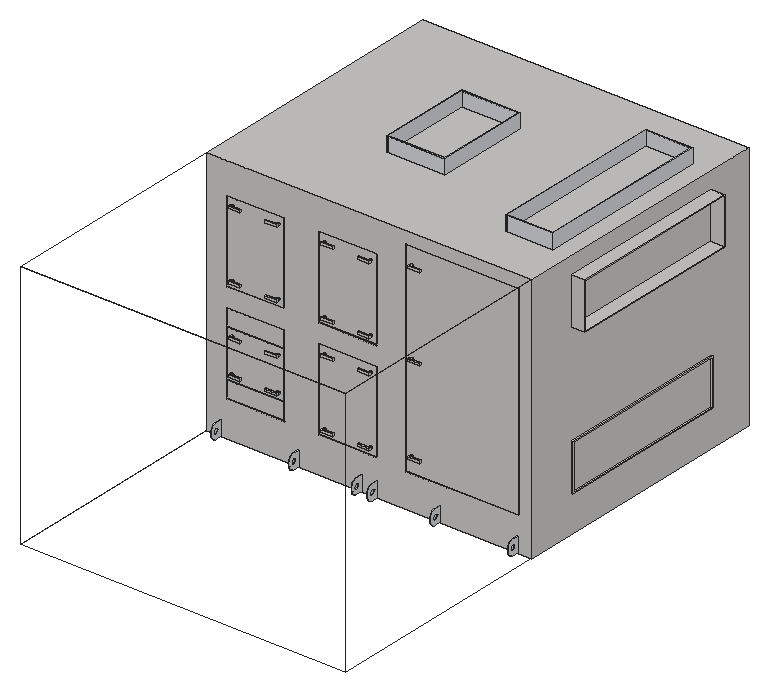
Revit family "DN-5XIN-EC-2FP", category Mechanical Equipment, Revit 2019
Family settings
  Round Connector Dimension = Use Diameter
  Part Type = Normal
  Work Plane-Based = No
  Always vertical = Yes
  Cut with Voids When Loaded = No
  Shared = No
  Room Calculation Point = No
Parameters (values of type "4@2.70 kW 200-240V")
  Voltage = "200-240V"
  Unit Weight (lbs) = "3450-3850 lbs."
  Unit Dimension (L x W x H) = "117-3/4\" x 102\" x 90-7/8\""
  Unit = Renewaire - Galvanized Steel
  URL = "www.renewaire.com"
  Typical Airflow Range = "1,125-4,950 CFM"
  Standard Features = "EC Motors for both airstreams, Direct drive backward inclined plenum, Higher ESP of up to 3\" w.g. at 4,500 CFM, Integrated programmable controls, True 100% face and bypass enthalpy based modulating economizer, Class 1 low leakage motorized isolation dampers, Stainless steel double-sloped drain pan with cooling option, 1\" Double wall foam injected 20 gauge galvanized panel construction with R6.5 insulation"
  Shipping Dimensions (L x W x H) = "120\" x 101-1/2\" x 96\""
  Service Area Visibility = yes
  Service Area Box = Renewaire - Interference
  Revit Object Download Link = ""
  Phase = "3"
  Options = "DX, heat pump, or chilled water cooling coil, Modulating hot gas reheat, Steam or hot water coil, Onboard variable frequency drives (VFDs) - both airstreams, Fused disconnect, Spring isolators (VFDs only), 2\" Double wall foam injected 20 gauge galvanized panel construction with R13 insulation, Exterior paint - grey, white, custom color, BACNET factory activation, GFCI convenience outlet, Recirculation damper, Drain overflow switch, Electrofin coating for coils"
  Number Motors = "Qty. 4, Direct drive motorized impeller packages"
  Model = "DN-5XIN-2FP-EC"
  Minimum Circuit Amps = "36.6 A"
  Maximum Overcurrent Protection = "45 A"
  Max. Shipping Weight (lbs) = "3700-4100 lbs."
  Manufacturer = "Renewaire LLC"
  Inlets/Outlets [instance] = "OA & RA Inlets: 60\" x 16\", SA Outlet: 24\" x 16\", EA Outlet: 20\" x 32\""
  Frequency = "50/60 Hz"
  Filters [instance] = "Total qty. 10, MERV 8: 16\" x 20\" x 2\""
  FLA per Motor = "8.6-7.2"
  Energy Recovery Type = "Static plate total energy transfer"
  Description = "Energy Recovery Ventilator"
  Bypass Filters [instance] = "Total qty. 4, MERV 8: 16\" x 20\" x 2\""
  Accessories = "Filters - MERV 13, 2\"  and 4\" (shipped loose), MERV 14, 2\" and 4\" (shipped loose), Additional filters available upon request, Duct mounted electric pre-heater (separately powered), Carbon dioxide sensor/control - wall mount (CO2-W), duct mount (CO2-D), IAQ sensor - wall mount (IAQ-W), duct mount (IAQ-D), Motion occupancy sensor/control - ceiling mount (MC-C), wall mount (MC-W), Smoke detector, Room temperature and humidity sensor, Duct static pressure sensor with display to 10\", without display 0-2\", Room pressure sensor with display to 1\", without display 0-1\", Waterless trap negative pressure, Waterless trap positive pressure, Remote display"
  AHRI 1060 Certified Core = "One L-62-G5 and four L-125-G5"
Types (6): name | Voltage | Minimum Circuit Amps | Maximum Overcurrent Protection | FLA per Motor
  (no name) | "200-240V" | "36.6 A" | "45 A" | "8.6-7.2"
  4@2.70 kW 200-240V | "200-240V" | "36.6 A" | "45 A" | "8.6-7.2"
  4@3.70 kW 380-480V | "380-480 V" | "25.5 A" | "30 A" | "6.0-4.6"
  4@5HP 208-230V | "208-230 V" | "59.1 A" | "70 A" | "13.9-13.4/6.7"
  4@5HP 460V | "460 V" | "28.5 A" | "35 A" | "6.7"
  4@5HP 575V | "575 V" | "22.5 A" | "25 A" | "5.3"
Reference planes (in)
  plane 1 "Center (Front/Back)": y = 0
  plane 2: z = 0
  plane 3 "Center (Left/Right)": x = 0
  plane 4: x = -111.625
Forms (in)
  Extrusion 1, solid, material "Renewaire - Galvanized Steel" <- "Unit"
    sketch origin (0, 0, 0) x (1, 0, 0) y (0, 1, 0)
      loop
        line (-111.625, 46.5) -> (-111.625, -46.38324) -> (0, -46.38324) -> (0, 46.5) -> (-111.625, 46.5)
    from 0 to 85.625
  Extrusion 2, void
    sketch origin (0, 0, 0) x (1, 0, 0) y (0, 0, 1)
      loop
        line (-104.88334, 74.82399) -> (-104.88334, 46.824) -> (-84.88335, 46.824) -> (-84.88335, 74.82399) -> (-104.88334, 74.82399)
      loop
        line (-73.14754, 74.82399) -> (-73.14754, 46.824) -> (-53.14754, 46.824) -> (-53.14754, 74.82399) -> (-73.14754, 74.82399)
      loop
        line (-43.1125, 81.57398) -> (-43.1125, 11.57398) -> (-4.11251, 11.57398) -> (-4.11251, 81.57398) -> (-43.1125, 81.57398)
      loop
        line (-73.14754, 40.32399) -> (-73.14754, 12.32399) -> (-53.14754, 12.32399) -> (-53.14754, 40.32399) -> (-73.14754, 40.32399)
      loop
        line (-104.88334, 40.32399) -> (-104.88334, 12.33722) -> (-84.88335, 12.33722) -> (-84.88335, 40.32399) -> (-104.88334, 40.32399)
    from 45.5 to 47.07986
  Extrusion 3, void
    sketch origin (0, 0, 0) x (1, 0, 0) y (0, 1, 0)
      loop
        line (-109.625, 44.61676) -> (-109.625, -44.38324) -> (-2, -44.38324) -> (-2, 44.61676) -> (-109.625, 44.61676)
    from -3 to 5.699
  Extrusion 4, void
    sketch origin (0, 0, 0) x (1, 0, 0) y (0, 1, 0)
      loop
        line (-108.19815, 12.11675) -> (-108.19815, -11.88325) -> (-92.19815, -11.88325) -> (-92.19815, 12.11675) -> (-108.19815, 12.11675)
      loop
        line (-22.1125, 30.11677) -> (-22.1125, -29.88323) -> (-6.1125, -29.88323) -> (-6.1125, 30.11677) -> (-22.1125, 30.11677)
    from 4.75 to 6.699
  Extrusion 5, solid, material "Renewaire - Galvanized Steel" <- "Unit"
    sketch origin (0, 0, 1) x (0, 1, 0) y (0, 0, 1)
      loop
        line (12.11677, 31.05846) -> (-11.88323, 31.05846) -> (-11.88323, 15.05845) -> (12.11677, 15.05845) -> (12.11677, 31.05846)
      loop
        line (11.99177, 30.93346) -> (-11.75823, 30.93346) -> (-11.75823, 15.18345) -> (11.99177, 15.18345) -> (11.99177, 30.93346)
    from -112.625 to -111.625
  Extrusion 6, solid, material "Renewaire - Galvanized Steel" <- "Unit"
    sketch origin (0, 0, 1) x (0, 1, 0) y (0, 0, 1)
      loop
        line (-29.87714, 28.04274) -> (-29.87714, 12.04274) -> (30.12286, 12.04274) -> (30.12286, 28.04274) -> (-29.87714, 28.04274)
      loop
        line (-29.75214, 27.91774) -> (-29.75214, 12.16774) -> (29.99786, 12.16774) -> (29.99786, 27.91774) -> (-29.75214, 27.91774)
    from 0 to 1
  Extrusion 7, solid, material "Renewaire - Galvanized Steel" <- "Unit"
    sketch origin (0, 0, 1.51247) x (0, 1, 0) y (0, 0, 1)
      loop
        line (-29.88324, 78.57708) -> (-29.88324, 62.57708) -> (30.11676, 62.57708) -> (30.11676, 78.57708) -> (-29.88324, 78.57708)
      loop
        line (-29.75824, 78.45208) -> (-29.75824, 62.70208) -> (29.99176, 62.70208) -> (29.99176, 78.45208) -> (-29.75824, 78.45208)
    from 0 to 5
  Extrusion 8, solid, material "Renewaire - Galvanized Steel" <- "Unit"
    sketch origin (0, 0, 1) x (1, 0, 0) y (0, 0, 1)
      loop
        line (-54.12572, 77.83887) -> (-72.14754, 77.83887) -> (-72.14754, 47.80251) -> (-54.12572, 47.80251) -> (-54.12572, 77.83887)
      loop
        line (-54.25072, 77.71387) -> (-72.02254, 77.71387) -> (-72.02254, 47.92751) -> (-54.25072, 47.92751) -> (-54.25072, 77.71387)
    from -51.5 to -46.5
  Extrusion 9, solid, material "Renewaire - Galvanized Steel" <- "Unit"
    sketch origin (0, 0, 0) x (1, 0, 0) y (0, 0, 1)
      loop
        line (-104.63334, 18.234) -> (-104.63334, 12.634) -> (-85.03333, 12.634) -> (-85.03333, 18.234) -> (-104.63334, 18.234)
      loop
        line (-104.63334, 34.574) -> (-104.63334, 18.474) -> (-85.03333, 18.474) -> (-85.03333, 34.574) -> (-104.63334, 34.574)
      loop
        line (-104.63334, 40.414) -> (-104.63334, 34.814) -> (-85.03333, 34.814) -> (-85.03333, 40.414) -> (-104.63334, 40.414)
      loop
        line (-104.63334, 74.82401) -> (-104.63334, 47.22401) -> (-85.03333, 47.22401) -> (-85.03333, 74.82401) -> (-104.63334, 74.82401)
      loop
        line (-72.89753, 74.82401) -> (-72.89753, 47.22401) -> (-53.29756, 47.22401) -> (-53.29756, 74.82401) -> (-72.89753, 74.82401)
      loop
        line (-72.89754, 40.32401) -> (-72.89754, 12.634) -> (-53.29754, 12.634) -> (-53.29754, 40.32401) -> (-72.89754, 40.32401)
      loop
        line (-42.8625, 11.82398) -> (-4.36251, 11.82398) -> (-4.36251, 81.32398) -> (-42.8625, 81.32398) -> (-42.8625, 11.82398)
    from 45.5 to 46.38324
  Extrusion 10, solid, material "Renewaire - Interference" <- "Service Area Box", visible <- "Service Area Visibility"
    sketch origin (0, 0, 0) x (1, 0, 0) y (0, 1, 0)
      loop
        line (-111.625, -46.38324) -> (-111.625, -126.38324) -> (0, -126.38324) -> (0, -46.38324) -> (-111.625, -46.38324)
    from 0 to 85.625
  Extrusion 11, solid
    sketch origin (0, 0, 0) x (1, 0, 0) y (0, 1, 0)
      loop
        line (-74.14753, 16.11676) -> (-74.14753, -15.88324) -> (-54.14754, -15.88324) -> (-54.14754, 16.11676) -> (-74.14753, 16.11676)
      loop
        line (-54.39754, 15.86676) -> (-73.89753, 15.86676) -> (-73.89753, -15.63324) -> (-54.39754, -15.63324) -> (-54.39754, 15.86676)
      loop
        line (-22.11249, 30.11679) -> (-22.11249, -29.88322) -> (-6.11252, -29.88322) -> (-6.11252, 30.11679) -> (-22.11249, 30.11679)
      loop
        line (-6.36252, 29.86679) -> (-21.86249, 29.86679) -> (-21.86249, -29.63322) -> (-6.36252, -29.63322) -> (-6.36252, 29.86679)
    from 85.625 to 90.625
Cuts and joins
  Extrusion 2, Extrusion 3, Extrusion 4 cuts Extrusion 1
Dimensions and locks (in)
  aligned and locked: plane 2 to level
Nested families (in)
  nested 1: "Handle" at (-41.11251, -46.38324, 17), type "Handle"
    with Right Handle yes, Left Handle no, Flip no
  nested 2: "Handle" at (-41.11251, -46.38324, 75.67027), type "Handle"
    with Right Handle yes, Left Handle no, Flip no
  nested 3: "Handle" at (-41.11251, -46.38324, 47), type "Handle"
    with Right Handle yes, Left Handle no, Flip no
  nested 4: "Handle" at (-71.07253, -46.38324, 72.37401), type "Handle"
    with Right Handle yes, Left Handle no, Flip no
  nested 5: "Handle" at (-71.07253, -46.38324, 49.274), type "Handle"
    with Right Handle yes, Left Handle no, Flip no
  nested 6: "Handle" at (-55.22256, -46.38324, 72.37401), type "Handle"
    with Right Handle no, Left Handle yes, Flip yes
  nested 7: "Handle" at (-55.22256, -46.38324, 49.274), type "Handle"
    with Right Handle no, Left Handle yes, Flip yes
  nested 8: "Handle" at (-71.07253, -46.38324, 37.87401), type "Handle"
    with Right Handle yes, Left Handle no, Flip no
  nested 9: "Handle" at (-71.07253, -46.38324, 14.77401), type "Handle"
    with Right Handle yes, Left Handle no, Flip no
  nested 10: "Handle" at (-55.22256, -46.38324, 37.87401), type "Handle"
    with Right Handle no, Left Handle yes, Flip yes
  nested 11: "Handle" at (-55.22256, -46.38324, 14.77401), type "Handle"
    with Right Handle no, Left Handle yes, Flip yes
  nested 12: "Handle" at (-102.80833, -46.38324, 32.124), type "Handle"
    with Right Handle yes, Left Handle no, Flip no
  nested 13: "Handle" at (-102.80833, -46.38324, 20.52399), type "Handle"
    with Right Handle yes, Left Handle no, Flip no
  nested 14: "Handle" at (-86.95836, -46.38324, 32.124), type "Handle"
    with Right Handle no, Left Handle yes, Flip yes
  nested 15: "Handle" at (-86.95836, -46.38324, 20.52399), type "Handle"
    with Right Handle no, Left Handle yes, Flip yes
  nested 16: "Handle" at (-102.80833, -46.38324, 72.37401), type "Handle"
    with Right Handle yes, Left Handle no, Flip no
  nested 17: "Handle" at (-102.80833, -46.38324, 49.274), type "Handle"
    with Right Handle yes, Left Handle no, Flip no
  nested 18: "Handle" at (-86.95836, -46.38324, 72.37401), type "Handle"
    with Right Handle no, Left Handle yes, Flip yes
  nested 19: "Handle" at (-86.95836, -46.38324, 49.274), type "Handle"
    with Right Handle no, Left Handle yes, Flip yes
  nested 20: "Lifting Lug" at (-106.625, 46.5, 0) x (0, 1, 0) z (0, 0, 1), Material <- "Unit", type "Lifting Lug"
    with Material Renewaire - Galvanized Steel
  nested 21: "Lifting Lug" at (-31.375, 46.5, 0) x (0, 1, 0) z (0, 0, 1), Material <- "Unit", type "Lifting Lug"
    with Material Renewaire - Galvanized Steel
  nested 22: "Lifting Lug" at (-80, 46.5, 0) x (0, 1, 0) z (0, 0, 1), Material <- "Unit", type "Lifting Lug"
    with Material Renewaire - Galvanized Steel
  nested 23: "Lifting Lug" at (-4.75, 46.5, 0) x (0, 1, 0) z (0, 0, 1), Material <- "Unit", type "Lifting Lug"
    with Material Renewaire - Galvanized Steel
  nested 24: "Lifting Lug" at (-53, 46.5, 0) x (0, 1, 0) z (0, 0, 1), Material <- "Unit", type "Lifting Lug"
    with Material Renewaire - Galvanized Steel
  nested 25: "Lifting Lug" at (-58.375, 46.5, 0) x (0, 1, 0) z (0, 0, 1), Material <- "Unit", type "Lifting Lug"
    with Material Renewaire - Galvanized Steel
  nested 26: "Lifting Lug" at (-106.625, -46.5, 0) x (0, -1, 0) z (0, 0, 1), Material <- "Unit", type "Lifting Lug"
    with Material Renewaire - Galvanized Steel
  nested 27: "Lifting Lug" at (-31.375, -46.5, 0) x (0, -1, 0) z (0, 0, 1), Material <- "Unit", type "Lifting Lug"
    with Material Renewaire - Galvanized Steel
  nested 28: "Lifting Lug" at (-80, -46.5, 0) x (0, -1, 0) z (0, 0, 1), Material <- "Unit", type "Lifting Lug"
    with Material Renewaire - Galvanized Steel
  nested 29: "Lifting Lug" at (-4.75, -46.5, 0) x (0, -1, 0) z (0, 0, 1), Material <- "Unit", type "Lifting Lug"
    with Material Renewaire - Galvanized Steel
  nested 30: "Lifting Lug" at (-53, -46.5, 0) x (0, -1, 0) z (0, 0, 1), Material <- "Unit", type "Lifting Lug"
    with Material Renewaire - Galvanized Steel
  nested 31: "Lifting Lug" at (-58.375, -46.5, 0) x (0, -1, 0) z (0, 0, 1), Material <- "Unit", type "Lifting Lug"
    with Material Renewaire - Galvanized Steel
Connectors (in)
  hvac at (1, 0.12286, 21.04274)
    settings: on Extrusion 6, index 1, duct flow 0 CFM, flow factor 0, pres drop 0.00 in-wg, loss coef 0, conn angle 0.00°, conn width 60", conn height 16", conn diameter 24", duct sys type 2, conn prof type 1, flow config 0, flow direction 1, loss method 0, conn ref index -1, conn util no, is conn primary yes, conn desc "Return Air (RA)"
  hvac at (5, 0.11676, 72.08955)
    settings: on Extrusion 7, index 2, duct flow 0 CFM, flow factor 0, pres drop 0.00 in-wg, loss coef 0, conn angle 0.00°, conn width 60", conn height 16", conn diameter 24", duct sys type 4, conn prof type 1, flow config 0, flow direction 1, loss method 0, conn ref index -1, conn util no, is conn primary no, conn desc "Outside Air (OA)"
  hvac at (-63.13663, 51.5, 63.82069)
    settings: on Extrusion 8, index 5, duct flow 0 CFM, flow factor 0, pres drop 0.00 in-wg, loss coef 0, conn angle 0.00°, conn width 18", conn height 30", conn diameter 24", duct sys type 3, conn prof type 1, flow config 0, flow direction 2, loss method 0, conn ref index -1, conn util no, is conn primary no, conn desc "Exhaust Air (EA)"
  hvac at (-112.625, 0.11677, 24.05845)
    settings: on Extrusion 5, index 6, duct flow 0 CFM, flow factor 0, pres drop 0.00 in-wg, loss coef 0, conn angle 0.00°, conn width 24", conn height 16", conn diameter 24", duct sys type 1, conn prof type 1, flow config 0, flow direction 2, loss method 0, conn ref index -1, conn util no, is conn primary no, conn desc "Supply Air (SA)"
  hvac at (-14.1125, 0.11677, 6.699)
    settings: on cut or joined group of Extrusion 1, Extrusion 2, Extrusion 3, Extrusion 4, index 9, duct flow 0 CFM, flow factor 0, pres drop 0.00 in-wg, loss coef 0, conn angle 0.00°, conn width 60", conn height 16", conn diameter 24", duct sys type 2, conn prof type 1, flow config 0, flow direction 1, loss method 0, conn ref index -1, conn util no, is conn primary no, conn desc "Return Air (RA)"
  hvac at (-100.19815, 0.11675, 6.699)
    settings: on cut or joined group of Extrusion 1, Extrusion 2, Extrusion 3, Extrusion 4, index 10, duct flow 0 CFM, flow factor 0, pres drop 0.00 in-wg, loss coef 0, conn angle 0.00°, conn width 24", conn height 16", conn diameter 24", duct sys type 1, conn prof type 1, flow config 0, flow direction 2, loss method 0, conn ref index -1, conn util no, is conn primary no, conn desc "Supply Air (SA)"
  hvac at (-64.14754, 0.11676, 90.625)
    settings: on Extrusion 11, index 11, duct flow 0 CFM, flow factor 0, pres drop 0.00 in-wg, loss coef 0, conn angle 0.00°, conn width 20", conn height 32", conn diameter 24", duct sys type 3, conn prof type 1, flow config 0, flow direction 2, loss method 0, conn ref index -1, conn util no, is conn primary no, conn desc "Exhaust Air (EA)"
  hvac at (-14.1125, 0.11678, 90.625)
    settings: on Extrusion 11, index 12, duct flow 0 CFM, flow factor 0, pres drop 0.00 in-wg, loss coef 0, conn angle 0.00°, conn width 16", conn height 60", conn diameter 24", duct sys type 4, conn prof type 1, flow config 0, flow direction 1, loss method 0, conn ref index -1, conn util no, is conn primary no, conn desc "Outside Air (OA)"
Definition of nested family "Handle"
  Parameters (values of type "Handle")
    Right Handle [instance] = not(Flip)  # no
    Material = none
    Left Handle [instance] = Flip  # yes
    Flip [instance] = yes
  Reference planes (in)
    plane 1 "Center (Front/Back)": y = 0
    plane 2: z = 0
    plane 3 "Center (Left/Right)": x = 0
  Forms (in)
    Extrusion 1, solid, material <- "Material"
      sketch origin (0, 0, 0) x (1, 0, 0) y (0, 0, 1)
        loop
          circle (0, 0) r 0.375
      from 0 to 0.75
    Extrusion 2, solid, material <- "Material", visible <- "Right Handle"
      sketch origin (0, 0, 0) x (1, 0, 0) y (0, 1, 0)
        loop
          line (-0.375, -0.75) -> (-0.375, -1.25) -> (3.625, -1.25) -> (3.625, -0.75) -> (-0.375, -0.75)
      from -0.375 to 0.375
    Extrusion 3, solid, material <- "Material", visible <- "Left Handle"
      sketch origin (-3.25, 0, 0) x (1, 0, 0) y (0, 1, 0)
        loop
          line (-0.375, -0.75) -> (-0.375, -1.25) -> (3.625, -1.25) -> (3.625, -0.75) -> (-0.375, -0.75)
      from -0.375 to 0.375
  Dimensions and locks (in)
    aligned and locked: plane 2 to level
Definition of nested family "Lifting Lug"
  Parameters (values of type "Lifting Lug")
    Material [instance] = none
  Reference planes (in)
    plane 1 "Center (Front/Back)": y = 0
    plane 2: z = 0
    plane 3 "Center (Left/Right)": x = 0
  Forms (in)
    Extrusion 1, solid
      sketch origin (0, 0, 0) x (1, 0, 0) y (0, 0, 1)
        loop
          line (0, 0.1875) -> (2, 0.1875)
          arc (2, 0.1875) -> (3.41421, 0.77329) -> (4, 2.1875) r 2
          line (4, 2.1875) -> (4, 3.1875)
          arc (4, 3.1875) -> (3.41421, 4.60171) -> (2, 5.1875) r 2
          line (2, 5.1875) -> (0, 5.1875) -> (0, 0.1875)
        loop
          circle (2.125, 2.6875) r 1
      from 0 to 0.25
  Dimensions and locks (in)
    aligned and locked: plane 2 to level
